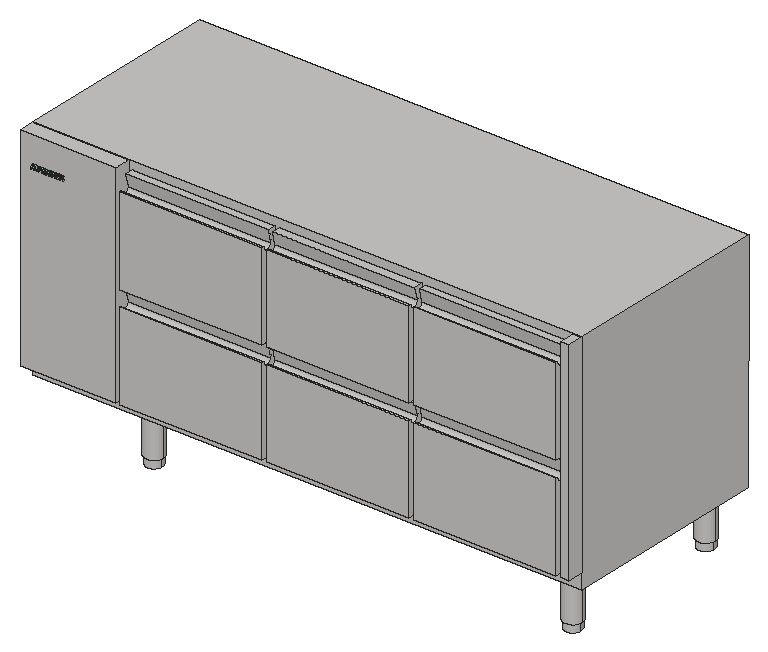
Revit family "QF_ALPENINOX_721070_AK3R7BBB", category Attrezzature speciali, Revit 2018 (continued)
Definition of nested family "HPC_APX_BI_TN_L"
  Lines and regions (mm)
    Split face 120
      outline origin (110, -951.3, 50) x (1, 0, 0) y (0, 1, 0)
        loop
          arc (-176.464, 599.474) -> (-172.464, 603.474) -> (-176.464, 607.474) r 4
          line (-176.464, 607.474) -> (-218.464, 607.474)
    Split face 121
      outline origin (220, -951.3, 50) x (1, 0, 0) y (0, 1, 0)
        loop
          arc (-273.464, 607.474) -> (-277.464, 603.474) -> (-273.464, 599.474) r 4
          line (-273.464, 599.474) -> (-231.464, 599.474)
          arc (-231.464, 599.474) -> (-227.464, 603.474) -> (-231.464, 607.474) r 4
          line (-231.464, 607.474) -> (-273.464, 607.474)
    Split face 122
      outline origin (0, -975.3, 50) x (1, 0, 0) y (0, 1, 0)
        loop
          arc (-163.464, 619.474) -> (-167.464, 615.474) -> (-163.464, 611.474) r 4
          line (-163.464, 611.474) -> (-121.464, 611.474)
          arc (-121.464, 611.474) -> (-117.464, 615.474) -> (-121.464, 619.474) r 4
          line (-121.464, 619.474) -> (-163.464, 619.474)
    Split face 123
      outline origin (330, -975.3, 50) x (1, 0, 0) y (0, 1, 0)
        loop
          arc (-328.464, 619.474) -> (-332.464, 615.474) -> (-328.464, 611.474) r 4
          line (-328.464, 611.474) -> (-286.464, 611.474)
          arc (-286.464, 611.474) -> (-282.464, 615.474) -> (-286.464, 619.474) r 4
          line (-286.464, 619.474) -> (-328.464, 619.474)
    Split face 124
      outline origin (110, -975.3, 50) x (1, 0, 0) y (0, 1, 0)
        loop
          arc (-218.464, 619.474) -> (-222.464, 615.474) -> (-218.464, 611.474) r 4
          line (-218.464, 611.474) -> (-176.464, 611.474)
          arc (-176.464, 611.474) -> (-172.464, 615.474) -> (-176.464, 619.474) r 4
          line (-176.464, 619.474) -> (-218.464, 619.474)
    Split face 125
      outline origin (220, -975.3, 50) x (1, 0, 0) y (0, 1, 0)
        loop
          arc (-273.464, 619.474) -> (-277.464, 615.474) -> (-273.464, 611.474) r 4
          line (-273.464, 611.474) -> (-231.464, 611.474)
          arc (-231.464, 611.474) -> (-227.464, 615.474) -> (-231.464, 619.474) r 4
          line (-231.464, 619.474) -> (-273.464, 619.474)
    Split face 126
      outline origin (0, -999.3, 50) x (1, 0, 0) y (0, 1, 0)
        loop
          arc (-163.464, 631.474) -> (-167.464, 627.474) -> (-163.464, 623.474) r 4
          line (-163.464, 623.474) -> (-121.464, 623.474)
          arc (-121.464, 623.474) -> (-117.464, 627.474) -> (-121.464, 631.474) r 4
          line (-121.464, 631.474) -> (-163.464, 631.474)
    Split face 127
      outline origin (330, -999.3, 50) x (1, 0, 0) y (0, 1, 0)
        loop
          arc (-328.464, 631.474) -> (-332.464, 627.474) -> (-328.464, 623.474) r 4
          line (-328.464, 623.474) -> (-286.464, 623.474)
          arc (-286.464, 623.474) -> (-282.464, 627.474) -> (-286.464, 631.474) r 4
          line (-286.464, 631.474) -> (-328.464, 631.474)
    Split face 128
      outline origin (110, -999.3, 50) x (1, 0, 0) y (0, 1, 0)
        loop
          arc (-218.464, 631.474) -> (-222.464, 627.474) -> (-218.464, 623.474) r 4
          line (-218.464, 623.474) -> (-176.464, 623.474)
          arc (-176.464, 623.474) -> (-172.464, 627.474) -> (-176.464, 631.474) r 4
          line (-176.464, 631.474) -> (-218.464, 631.474)
    Split face 129
      outline origin (220, -999.3, 50) x (1, 0, 0) y (0, 1, 0)
        loop
          arc (-273.464, 631.474) -> (-277.464, 627.474) -> (-273.464, 623.474) r 4
          line (-273.464, 623.474) -> (-231.464, 623.474)
          arc (-231.464, 623.474) -> (-227.464, 627.474) -> (-231.464, 631.474) r 4
          line (-231.464, 631.474) -> (-273.464, 631.474)
    Split face 130
      outline origin (0, -1023.3, 50) x (1, 0, 0) y (0, 1, 0)
        loop
          arc (-163.464, 643.474) -> (-167.464, 639.474) -> (-163.464, 635.474) r 4
          line (-163.464, 635.474) -> (-121.464, 635.474)
          arc (-121.464, 635.474) -> (-117.464, 639.474) -> (-121.464, 643.474) r 4
          line (-121.464, 643.474) -> (-163.464, 643.474)
    Split face 131
      outline origin (330, -1023.3, 50) x (1, 0, 0) y (0, 1, 0)
        loop
          arc (-328.464, 643.474) -> (-332.464, 639.474) -> (-328.464, 635.474) r 4
          line (-328.464, 635.474) -> (-286.464, 635.474)
          arc (-286.464, 635.474) -> (-282.464, 639.474) -> (-286.464, 643.474) r 4
          line (-286.464, 643.474) -> (-328.464, 643.474)
    Split face 132
      outline origin (110, -1023.3, 50) x (1, 0, 0) y (0, 1, 0)
        loop
          arc (-218.464, 643.474) -> (-222.464, 639.474) -> (-218.464, 635.474) r 4
          line (-218.464, 635.474) -> (-176.464, 635.474)
          arc (-176.464, 635.474) -> (-172.464, 639.474) -> (-176.464, 643.474) r 4
          line (-176.464, 643.474) -> (-218.464, 643.474)
    Split face 133
      outline origin (220, -1023.3, 50) x (1, 0, 0) y (0, 1, 0)
        loop
          arc (-273.464, 643.474) -> (-277.464, 639.474) -> (-273.464, 635.474) r 4
          line (-273.464, 635.474) -> (-231.464, 635.474)
          arc (-231.464, 635.474) -> (-227.464, 639.474) -> (-231.464, 643.474) r 4
          line (-231.464, 643.474) -> (-273.464, 643.474)
    symbolic lines
      curve 1: line (87.08, -74, 50) -> (87.08, -74, 0)
  Dimensions and locks
    equal spacing: plane 6, plane 1 "Center (Front/Back)", plane 7
    equal spacing: plane 4, plane 3 "Center (Left/Right)", plane 5
    aligned and locked: plane 2 to Extrusion 1
    aligned and locked: level to Extrusion 1
  Automatic sketch dimensions
    Split face 5 sketch curve to Split face 5 sketch curve = 42 mm
    Split face 5 sketch curve to Split face 5 sketch curve = 4 mm
    Split face 6 sketch curve to Split face 6 sketch curve = 42 mm
    Split face 6 sketch curve to Split face 6 sketch curve = 4 mm
    Split face 7 sketch curve to Split face 7 sketch curve = 42 mm
    Split face 7 sketch curve to Split face 7 sketch curve = 4 mm
    Split face 8 sketch curve to Split face 8 sketch curve = 42 mm
    Split face 8 sketch curve to Split face 8 sketch curve = 4 mm
    Split face 9 sketch curve to Split face 9 sketch curve = 42 mm
    Split face 9 sketch curve to Split face 9 sketch curve = 4 mm
    Split face 10 sketch curve to Split face 10 sketch curve = 42 mm
    Split face 10 sketch curve to Split face 10 sketch curve = 4 mm
    Split face 11 sketch curve to Split face 11 sketch curve = 42 mm
    Split face 11 sketch curve to Split face 11 sketch curve = 4 mm
    Split face 12 sketch curve to Split face 12 sketch curve = 42 mm
    Split face 12 sketch curve to Split face 12 sketch curve = 4 mm
    Split face 13 sketch curve to Split face 13 sketch curve = 42 mm
    Split face 13 sketch curve to Split face 13 sketch curve = 4 mm
    Split face 14 sketch curve to Split face 14 sketch curve = 42 mm
    Split face 14 sketch curve to Split face 14 sketch curve = 4 mm
    Split face 15 sketch curve to Split face 15 sketch curve = 42 mm
    Split face 15 sketch curve to Split face 15 sketch curve = 4 mm
    Split face 16 sketch curve to Split face 16 sketch curve = 42 mm
    Split face 16 sketch curve to Split face 16 sketch curve = 4 mm
    Split face 17 sketch curve to Split face 17 sketch curve = 42 mm
    Split face 17 sketch curve to Split face 17 sketch curve = 4 mm
    Split face 18 sketch curve to Split face 18 sketch curve = 42 mm
    Split face 18 sketch curve to Split face 18 sketch curve = 4 mm
    Split face 19 sketch curve to Split face 19 sketch curve = 42 mm
    Split face 19 sketch curve to Split face 19 sketch curve = 4 mm
    Split face 20 sketch curve to Split face 20 sketch curve = 42 mm
    Split face 20 sketch curve to Split face 20 sketch curve = 4 mm
    Split face 21 sketch curve to Split face 21 sketch curve = 42 mm
    Split face 21 sketch curve to Split face 21 sketch curve = 4 mm
    Split face 22 sketch curve to Split face 22 sketch curve = 42 mm
    Split face 22 sketch curve to Split face 22 sketch curve = 4 mm
    Split face 23 sketch curve to Split face 23 sketch curve = 42 mm
    Split face 23 sketch curve to Split face 23 sketch curve = 4 mm
    Split face 24 sketch curve to Split face 24 sketch curve = 42 mm
    Split face 24 sketch curve to Split face 24 sketch curve = 4 mm
    Split face 25 sketch curve to Split face 25 sketch curve = 42 mm
    Split face 25 sketch curve to Split face 25 sketch curve = 4 mm
    Split face 26 sketch curve to Split face 26 sketch curve = 42 mm
    Split face 26 sketch curve to Split face 26 sketch curve = 4 mm
    Split face 27 sketch curve to Split face 27 sketch curve = 42 mm
    Split face 27 sketch curve to Split face 27 sketch curve = 4 mm
    Split face 28 sketch curve to Split face 28 sketch curve = 42 mm
    Split face 28 sketch curve to Split face 28 sketch curve = 4 mm
    Split face 29 sketch curve to Split face 29 sketch curve = 42 mm
    Split face 29 sketch curve to Split face 29 sketch curve = 4 mm
    Split face 30 sketch curve to Split face 30 sketch curve = 42 mm
    Split face 30 sketch curve to Split face 30 sketch curve = 4 mm
    Split face 31 sketch curve to Split face 31 sketch curve = 42 mm
    Split face 31 sketch curve to Split face 31 sketch curve = 4 mm
    Split face 32 sketch curve to Split face 32 sketch curve = 42 mm
    Split face 32 sketch curve to Split face 32 sketch curve = 4 mm
    Split face 33 sketch curve to Split face 33 sketch curve = 42 mm
    Split face 33 sketch curve to Split face 33 sketch curve = 4 mm
    Split face 34 sketch curve to Split face 34 sketch curve = 42 mm
    Split face 34 sketch curve to Split face 34 sketch curve = 4 mm
    Split face 35 sketch curve to Split face 35 sketch curve = 42 mm
    Split face 35 sketch curve to Split face 35 sketch curve = 4 mm
    Split face 36 sketch curve to Split face 36 sketch curve = 42 mm
    Split face 36 sketch curve to Split face 36 sketch curve = 4 mm
    Split face 37 sketch curve to Split face 37 sketch curve = 42 mm
    Split face 37 sketch curve to Split face 37 sketch curve = 4 mm
    Split face 38 sketch curve to Split face 38 sketch curve = 42 mm
    Split face 38 sketch curve to Split face 38 sketch curve = 4 mm
    Split face 39 sketch curve to Split face 39 sketch curve = 42 mm
    Split face 39 sketch curve to Split face 39 sketch curve = 4 mm
    Split face 40 sketch curve to Split face 40 sketch curve = 42 mm
    Split face 40 sketch curve to Split face 40 sketch curve = 4 mm
    Split face 41 sketch curve to Split face 41 sketch curve = 42 mm
    Split face 41 sketch curve to Split face 41 sketch curve = 4 mm
    Split face 42 sketch curve to Split face 42 sketch curve = 42 mm
    Split face 42 sketch curve to Split face 42 sketch curve = 4 mm
    Split face 43 sketch curve to Split face 43 sketch curve = 42 mm
    Split face 43 sketch curve to Split face 43 sketch curve = 4 mm
    Split face 44 sketch curve to Split face 44 sketch curve = 42 mm
    Split face 44 sketch curve to Split face 44 sketch curve = 4 mm
    Split face 45 sketch curve to Split face 45 sketch curve = 42 mm
    Split face 45 sketch curve to Split face 45 sketch curve = 4 mm
    Split face 46 sketch curve to Split face 46 sketch curve = 42 mm
    Split face 46 sketch curve to Split face 46 sketch curve = 4 mm
    Split face 47 sketch curve to Split face 47 sketch curve = 42 mm
    Split face 47 sketch curve to Split face 47 sketch curve = 4 mm
    Split face 48 sketch curve to Split face 48 sketch curve = 42 mm
    Split face 48 sketch curve to Split face 48 sketch curve = 4 mm
    Split face 49 sketch curve to Split face 49 sketch curve = 42 mm
    Split face 49 sketch curve to Split face 49 sketch curve = 4 mm
    Split face 50 sketch curve to Split face 50 sketch curve = 42 mm
    Split face 50 sketch curve to Split face 50 sketch curve = 4 mm
    Split face 51 sketch curve to Split face 51 sketch curve = 42 mm
    Split face 51 sketch curve to Split face 51 sketch curve = 4 mm
    Split face 52 sketch curve to Split face 52 sketch curve = 42 mm
    Split face 52 sketch curve to Split face 52 sketch curve = 4 mm
    Split face 53 sketch curve to Split face 53 sketch curve = 42 mm
    Split face 53 sketch curve to Split face 53 sketch curve = 4 mm
    Split face 54 sketch curve to Split face 54 sketch curve = 42 mm
    Split face 54 sketch curve to Split face 54 sketch curve = 4 mm
    Split face 55 sketch curve to Split face 55 sketch curve = 42 mm
    Split face 55 sketch curve to Split face 55 sketch curve = 4 mm
    Split face 56 sketch curve to Split face 56 sketch curve = 42 mm
    Split face 56 sketch curve to Split face 56 sketch curve = 4 mm
    Split face 57 sketch curve to Split face 57 sketch curve = 42 mm
    Split face 57 sketch curve to Split face 57 sketch curve = 4 mm
    Split face 58 sketch curve to Split face 58 sketch curve = 42 mm
    Split face 58 sketch curve to Split face 58 sketch curve = 4 mm
    Split face 59 sketch curve to Split face 59 sketch curve = 42 mm
    Split face 59 sketch curve to Split face 59 sketch curve = 4 mm
    Split face 60 sketch curve to Split face 60 sketch curve = 42 mm
    Split face 60 sketch curve to Split face 60 sketch curve = 4 mm
    Split face 61 sketch curve to Split face 61 sketch curve = 42 mm
    Split face 61 sketch curve to Split face 61 sketch curve = 4 mm
    Split face 62 sketch curve to Split face 62 sketch curve = 42 mm
    Split face 62 sketch curve to Split face 62 sketch curve = 4 mm
    Split face 63 sketch curve to Split face 63 sketch curve = 42 mm
    Split face 63 sketch curve to Split face 63 sketch curve = 4 mm
    Split face 64 sketch curve to Split face 64 sketch curve = 42 mm
    Split face 64 sketch curve to Split face 64 sketch curve = 4 mm
    Split face 65 sketch curve to Split face 65 sketch curve = 42 mm
    Split face 65 sketch curve to Split face 65 sketch curve = 4 mm
    Split face 66 sketch curve to Split face 66 sketch curve = 42 mm
    Split face 66 sketch curve to Split face 66 sketch curve = 4 mm
    Split face 67 sketch curve to Split face 67 sketch curve = 42 mm
    Split face 67 sketch curve to Split face 67 sketch curve = 4 mm
    Split face 68 sketch curve to Split face 68 sketch curve = 42 mm
    Split face 68 sketch curve to Split face 68 sketch curve = 4 mm
    Split face 70 sketch curve to Split face 70 sketch curve = 42 mm
    Split face 70 sketch curve to Split face 70 sketch curve = 4 mm
    Split face 71 sketch curve to Split face 71 sketch curve = 42 mm
    Split face 71 sketch curve to Split face 71 sketch curve = 4 mm
    Split face 72 sketch curve to Split face 72 sketch curve = 42 mm
    Split face 72 sketch curve to Split face 72 sketch curve = 4 mm
    Split face 73 sketch curve to Split face 73 sketch curve = 42 mm
    Split face 73 sketch curve to Split face 73 sketch curve = 4 mm
    Split face 74 sketch curve to Split face 74 sketch curve = 42 mm
    Split face 74 sketch curve to Split face 74 sketch curve = 4 mm
    Split face 75 sketch curve to Split face 75 sketch curve = 42 mm
    Split face 75 sketch curve to Split face 75 sketch curve = 4 mm
    Split face 76 sketch curve to Split face 76 sketch curve = 42 mm
    Split face 76 sketch curve to Split face 76 sketch curve = 4 mm
    Split face 77 sketch curve to Split face 77 sketch curve = 42 mm
    Split face 77 sketch curve to Split face 77 sketch curve = 4 mm
    Split face 78 sketch curve to Split face 78 sketch curve = 42 mm
    Split face 78 sketch curve to Split face 78 sketch curve = 4 mm
    Split face 79 sketch curve to Split face 79 sketch curve = 42 mm
    Split face 79 sketch curve to Split face 79 sketch curve = 4 mm
    Split face 80 sketch curve to Split face 80 sketch curve = 42 mm
    Split face 80 sketch curve to Split face 80 sketch curve = 4 mm
    Split face 81 sketch curve to Split face 81 sketch curve = 42 mm
    Split face 81 sketch curve to Split face 81 sketch curve = 4 mm
    Split face 82 sketch curve to Split face 82 sketch curve = 42 mm
    Split face 82 sketch curve to Split face 82 sketch curve = 4 mm
    Split face 83 sketch curve to Split face 83 sketch curve = 42 mm
    Split face 83 sketch curve to Split face 83 sketch curve = 4 mm
    Split face 84 sketch curve to Split face 84 sketch curve = 42 mm
    Split face 84 sketch curve to Split face 84 sketch curve = 4 mm
    Split face 85 sketch curve to Split face 85 sketch curve = 42 mm
    Split face 85 sketch curve to Split face 85 sketch curve = 4 mm
    Split face 86 sketch curve to Split face 86 sketch curve = 42 mm
    Split face 86 sketch curve to Split face 86 sketch curve = 4 mm
    Split face 87 sketch curve to Split face 87 sketch curve = 42 mm
    Split face 87 sketch curve to Split face 87 sketch curve = 4 mm
    Split face 88 sketch curve to Split face 88 sketch curve = 42 mm
    Split face 88 sketch curve to Split face 88 sketch curve = 4 mm
    Split face 89 sketch curve to Split face 89 sketch curve = 42 mm
    Split face 89 sketch curve to Split face 89 sketch curve = 4 mm
    Split face 90 sketch curve to Split face 90 sketch curve = 42 mm
    Split face 90 sketch curve to Split face 90 sketch curve = 4 mm
    Split face 91 sketch curve to Split face 91 sketch curve = 42 mm
    Split face 91 sketch curve to Split face 91 sketch curve = 4 mm
    Split face 92 sketch curve to Split face 92 sketch curve = 42 mm
    Split face 92 sketch curve to Split face 92 sketch curve = 4 mm
    Split face 93 sketch curve to Split face 93 sketch curve = 42 mm
    Split face 93 sketch curve to Split face 93 sketch curve = 4 mm
    Split face 94 sketch curve to Split face 94 sketch curve = 42 mm
    Split face 94 sketch curve to Split face 94 sketch curve = 4 mm
    Split face 95 sketch curve to Split face 95 sketch curve = 42 mm
    Split face 95 sketch curve to Split face 95 sketch curve = 4 mm
    Split face 96 sketch curve to Split face 96 sketch curve = 42 mm
    Split face 96 sketch curve to Split face 96 sketch curve = 4 mm
    Split face 97 sketch curve to Split face 97 sketch curve = 42 mm
    Split face 97 sketch curve to Split face 97 sketch curve = 4 mm
    Split face 98 sketch curve to Split face 98 sketch curve = 42 mm
    Split face 98 sketch curve to Split face 98 sketch curve = 4 mm
    Split face 99 sketch curve to Split face 99 sketch curve = 42 mm
    Split face 99 sketch curve to Split face 99 sketch curve = 4 mm
    Split face 100 sketch curve to Split face 100 sketch curve = 42 mm
    Split face 100 sketch curve to Split face 100 sketch curve = 4 mm
    Split face 101 sketch curve to Split face 101 sketch curve = 42 mm
    Split face 101 sketch curve to Split face 101 sketch curve = 4 mm
    Split face 102 sketch curve to Split face 102 sketch curve = 42 mm
    Split face 102 sketch curve to Split face 102 sketch curve = 4 mm
    Split face 103 sketch curve to Split face 103 sketch curve = 42 mm
    Split face 103 sketch curve to Split face 103 sketch curve = 4 mm
    Split face 104 sketch curve to Split face 104 sketch curve = 42 mm
    Split face 104 sketch curve to Split face 104 sketch curve = 4 mm
    Split face 105 sketch curve to Split face 105 sketch curve = 42 mm
    Split face 105 sketch curve to Split face 105 sketch curve = 4 mm
    Split face 106 sketch curve to Split face 106 sketch curve = 42 mm
    Split face 106 sketch curve to Split face 106 sketch curve = 4 mm
    Split face 107 sketch curve to Split face 107 sketch curve = 42 mm
    Split face 107 sketch curve to Split face 107 sketch curve = 4 mm
    Split face 108 sketch curve to Split face 108 sketch curve = 42 mm
    Split face 108 sketch curve to Split face 108 sketch curve = 4 mm
    Split face 109 sketch curve to Split face 109 sketch curve = 42 mm
    Split face 109 sketch curve to Split face 109 sketch curve = 4 mm
    Split face 110 sketch curve to Split face 110 sketch curve = 42 mm
    Split face 110 sketch curve to Split face 110 sketch curve = 4 mm
    Split face 111 sketch curve to Split face 111 sketch curve = 42 mm
    Split face 111 sketch curve to Split face 111 sketch curve = 4 mm
    Split face 112 sketch curve to Split face 112 sketch curve = 42 mm
    Split face 112 sketch curve to Split face 112 sketch curve = 4 mm
    Split face 113 sketch curve to Split face 113 sketch curve = 42 mm
    Split face 113 sketch curve to Split face 113 sketch curve = 4 mm
    Split face 114 sketch curve to Split face 114 sketch curve = 42 mm
    Split face 114 sketch curve to Split face 114 sketch curve = 4 mm
    Split face 115 sketch curve to Split face 115 sketch curve = 42 mm
    Split face 115 sketch curve to Split face 115 sketch curve = 4 mm
    Split face 116 sketch curve to Split face 116 sketch curve = 42 mm
    Split face 116 sketch curve to Split face 116 sketch curve = 4 mm
    Split face 117 sketch curve to Split face 117 sketch curve = 42 mm
    Split face 117 sketch curve to Split face 117 sketch curve = 4 mm
    Split face 118 sketch curve to Split face 118 sketch curve = 42 mm
    Split face 118 sketch curve to Split face 118 sketch curve = 4 mm
    Split face 119 sketch curve to Split face 119 sketch curve = 42 mm
    Split face 119 sketch curve to Split face 119 sketch curve = 4 mm
    Split face 120 sketch curve to Split face 120 sketch curve = 42 mm
    Split face 120 sketch curve to Split face 120 sketch curve = 4 mm
    Split face 121 sketch curve to Split face 121 sketch curve = 42 mm
    Split face 121 sketch curve to Split face 121 sketch curve = 4 mm
    Split face 122 sketch curve to Split face 122 sketch curve = 42 mm
    Split face 122 sketch curve to Split face 122 sketch curve = 4 mm
    Split face 123 sketch curve to Split face 123 sketch curve = 42 mm
    Split face 123 sketch curve to Split face 123 sketch curve = 4 mm
    Split face 124 sketch curve to Split face 124 sketch curve = 42 mm
    Split face 124 sketch curve to Split face 124 sketch curve = 4 mm
    Split face 125 sketch curve to Split face 125 sketch curve = 42 mm
    Split face 125 sketch curve to Split face 125 sketch curve = 4 mm
    Split face 126 sketch curve to Split face 126 sketch curve = 42 mm
    Split face 126 sketch curve to Split face 126 sketch curve = 4 mm
    Split face 127 sketch curve to Split face 127 sketch curve = 42 mm
    Split face 127 sketch curve to Split face 127 sketch curve = 4 mm
    Split face 128 sketch curve to Split face 128 sketch curve = 42 mm
    Split face 128 sketch curve to Split face 128 sketch curve = 4 mm
    Split face 129 sketch curve to Split face 129 sketch curve = 42 mm
    Split face 129 sketch curve to Split face 129 sketch curve = 4 mm
    Split face 130 sketch curve to Split face 130 sketch curve = 42 mm
    Split face 130 sketch curve to Split face 130 sketch curve = 4 mm
    Split face 131 sketch curve to Split face 131 sketch curve = 42 mm
    Split face 131 sketch curve to Split face 131 sketch curve = 4 mm
    Split face 132 sketch curve to Split face 132 sketch curve = 42 mm
    Split face 132 sketch curve to Split face 132 sketch curve = 4 mm
    Split face 133 sketch curve to Split face 133 sketch curve = 42 mm
    Split face 133 sketch curve to Split face 133 sketch curve = 4 mm
    Extrusion 1 sketch curve to Extrusion 1 sketch curve = 2438.4 mm  (x2)
    Extrusion 2 sketch curve to plane 4 = 0 mm
    Extrusion 2 sketch curve to plane 5 = 0 mm
    Extrusion 2 sketch curve to plane 7 = 0 mm
    Extrusion 2 sketch curve to plane 6 = 0 mm
    Split face 1 sketch curve to Extrusion 2 = 0 mm  (x2)
    Split face 1 sketch curve to Extrusion 2 = 34 mm
    Split face 1 sketch curve to Extrusion 2 = 104 mm
    Split face 1 sketch curve to Split face 1 sketch curve = 17.5 mm
    Split face 2 sketch curve to Extrusion 2 = 130.5 mm
    Split face 2 sketch curve to Extrusion 2 = 60.5 mm
    Split face 2 sketch curve to Extrusion 2 = 98 mm
    Split face 2 sketch curve to Split face 2 sketch curve = 23 mm
    Split face 3 sketch curve to Extrusion 2 = 80.5 mm
    Split face 3 sketch curve to Split face 3 sketch curve = 17 mm  (x2)
    Split face 3 sketch curve to Extrusion 2 = 95 mm
    plane 4 to Extrusion 3 sketch curve = 34.51 mm
    Extrusion 3 sketch curve to Extrusion 3 sketch curve = 1.266 mm
    Extrusion 3 sketch curve to Extrusion 3 sketch curve = 1.307 mm
    Extrusion 3 sketch curve to Extrusion 3 sketch curve = 0.57 mm
    Extrusion 3 sketch curve to Extrusion 3 sketch curve = 0.593 mm
    Extrusion 3 sketch curve to Extrusion 3 sketch curve = 0.799 mm
    Extrusion 3 sketch curve to Extrusion 3 sketch curve = 1.99 mm  (x2)
    Extrusion 3 sketch curve to Extrusion 3 sketch curve = 0.003 mm
    Extrusion 3 sketch curve to Extrusion 3 sketch curve = 3.534 mm
    Extrusion 3 sketch curve to Extrusion 3 sketch curve = 0.835 mm
    Extrusion 3 sketch curve to Extrusion 3 sketch curve = 0.56 mm
    Extrusion 3 sketch curve to Extrusion 3 sketch curve = 1.268 mm
    Extrusion 3 sketch curve to Extrusion 3 sketch curve = 1.223 mm
    Extrusion 3 sketch curve to Extrusion 3 sketch curve = 1.344 mm
    Extrusion 3 sketch curve to Extrusion 3 sketch curve = 1.394 mm  (x2)
    Extrusion 3 sketch curve to Extrusion 3 sketch curve = 1.512 mm
    Extrusion 3 sketch curve to Extrusion 3 sketch curve = 3.309 mm
    Extrusion 3 sketch curve to Extrusion 3 sketch curve = 5.841 mm
    Extrusion 3 sketch curve to Extrusion 3 sketch curve = 1.393 mm
    Extrusion 3 sketch curve to Extrusion 3 sketch curve = 1.439 mm
    Extrusion 3 sketch curve to Extrusion 3 sketch curve = 0 mm  (x19)
    Extrusion 3 sketch curve to Extrusion 3 sketch curve = 1.902 mm
    Extrusion 3 sketch curve to Extrusion 3 sketch curve = 0.052 mm
    Extrusion 3 sketch curve to Extrusion 3 sketch curve = 2.065 mm
    Extrusion 3 sketch curve to Extrusion 3 sketch curve = 0.647 mm
    Extrusion 3 sketch curve to Extrusion 3 sketch curve = 8.079 mm
    Extrusion 3 sketch curve to Extrusion 3 sketch curve = 0.073 mm
    Extrusion 3 sketch curve to Extrusion 3 sketch curve = 2.145 mm
    Extrusion 3 sketch curve to Extrusion 3 sketch curve = 2.931 mm
    Extrusion 3 sketch curve to Extrusion 3 sketch curve = 0.213 mm
    Extrusion 3 sketch curve to Extrusion 3 sketch curve = 0.026 mm
    Extrusion 3 sketch curve to Extrusion 3 sketch curve = 0.263 mm
    Extrusion 3 sketch curve to Extrusion 3 sketch curve = 0.516 mm
    Extrusion 3 sketch curve to Extrusion 3 sketch curve = 0.356 mm
    Extrusion 3 sketch curve to Extrusion 3 sketch curve = 0.387 mm
    Extrusion 3 sketch curve to Extrusion 3 sketch curve = 2.378 mm
    Extrusion 3 sketch curve to Extrusion 3 sketch curve = 2.466 mm
    Extrusion 3 sketch curve to Extrusion 3 sketch curve = 0.602 mm
    Extrusion 3 sketch curve to Extrusion 3 sketch curve = 1.02 mm
    Extrusion 3 sketch curve to Extrusion 3 sketch curve = 0.949 mm
    Extrusion 3 sketch curve to Extrusion 3 sketch curve = 1.728 mm
    Extrusion 3 sketch curve to Extrusion 3 sketch curve = 0.157 mm  (x2)
    Extrusion 3 sketch curve to Extrusion 3 sketch curve = 0.292 mm
    Extrusion 3 sketch curve to Extrusion 3 sketch curve = 3.565 mm
    Extrusion 3 sketch curve to Extrusion 3 sketch curve = 1.396 mm  (x2)
    Extrusion 3 sketch curve to Extrusion 3 sketch curve = 1.418 mm  (x2)
    Extrusion 3 sketch curve to Extrusion 3 sketch curve = 1.151 mm  (x2)
    Extrusion 3 sketch curve to Extrusion 3 sketch curve = 5.709 mm  (x2)
    Extrusion 3 sketch curve to Extrusion 3 sketch curve = 0.224 mm  (x2)
    Extrusion 3 sketch curve to Extrusion 3 sketch curve = 1.149 mm  (x2)
    Extrusion 3 sketch curve to Extrusion 3 sketch curve = 1.395 mm  (x2)
    Extrusion 3 sketch curve to Extrusion 3 sketch curve = 1.744 mm
    Extrusion 3 sketch curve to Extrusion 3 sketch curve = 1.745 mm
    Extrusion 3 sketch curve to Extrusion 3 sketch curve = 6.963 mm
    Extrusion 3 sketch curve to Extrusion 3 sketch curve = 0.493 mm  (x3)
    Extrusion 3 sketch curve to Extrusion 3 sketch curve = 0.273 mm  (x2)
    Extrusion 3 sketch curve to Extrusion 3 sketch curve = 0.021 mm  (x2)
    Extrusion 3 sketch curve to Extrusion 3 sketch curve = 0.226 mm  (x2)
    Extrusion 3 sketch curve to Extrusion 3 sketch curve = 0.268 mm  (x2)
    Extrusion 3 sketch curve to Extrusion 3 sketch curve = 0.294 mm
    Extrusion 3 sketch curve to Extrusion 3 sketch curve = 5.238 mm
    Extrusion 3 sketch curve to Extrusion 3 sketch curve = 5.908 mm
    Extrusion 3 sketch curve to Extrusion 3 sketch curve = 1.109 mm  (x2)
    Extrusion 3 sketch curve to Extrusion 3 sketch curve = 1.108 mm  (x2)
    Extrusion 3 sketch curve to Extrusion 3 sketch curve = 1.142 mm  (x2)
    Extrusion 3 sketch curve to Extrusion 3 sketch curve = 1.216 mm  (x2)
    Extrusion 3 sketch curve to Extrusion 3 sketch curve = 3.013 mm
    Extrusion 3 sketch curve to Extrusion 3 sketch curve = 1.616 mm  (x3)
    Extrusion 3 sketch curve to Extrusion 3 sketch curve = 2.305 mm
    Extrusion 3 sketch curve to Extrusion 3 sketch curve = 3.049 mm
    Extrusion 3 sketch curve to plane 6 = 93.469 mm
    Extrusion 3 sketch curve to Extrusion 3 sketch curve = 0.498 mm
    Extrusion 3 sketch curve to Extrusion 3 sketch curve = 0.682 mm
    Extrusion 3 sketch curve to Extrusion 3 sketch curve = 0.664 mm
    Extrusion 3 sketch curve to Extrusion 3 sketch curve = 0.425 mm
    Extrusion 3 sketch curve to Extrusion 3 sketch curve = 0.41 mm
    Extrusion 3 sketch curve to Extrusion 3 sketch curve = 1.272 mm
    Extrusion 3 sketch curve to Extrusion 3 sketch curve = 0.789 mm  (x2)
    Extrusion 3 sketch curve to Extrusion 3 sketch curve = 0.056 mm
    Extrusion 3 sketch curve to Extrusion 3 sketch curve = 0.83 mm
    Extrusion 3 sketch curve to Extrusion 3 sketch curve = 1.238 mm
    Extrusion 3 sketch curve to Extrusion 3 sketch curve = 1.732 mm
    Extrusion 3 sketch curve to Extrusion 3 sketch curve = 0.346 mm
    Extrusion 3 sketch curve to Extrusion 3 sketch curve = 1.123 mm
    Extrusion 3 sketch curve to Extrusion 3 sketch curve = 3.023 mm
    Extrusion 3 sketch curve to Extrusion 3 sketch curve = 4.203 mm
    Extrusion 3 sketch curve to Extrusion 3 sketch curve = 3.452 mm  (x2)
    Extrusion 3 sketch curve to Extrusion 3 sketch curve = 2.544 mm
    Extrusion 3 sketch curve to Extrusion 3 sketch curve = 1.177 mm
    Extrusion 3 sketch curve to Extrusion 3 sketch curve = 3.261 mm
    Extrusion 3 sketch curve to Extrusion 3 sketch curve = 0.352 mm  (x2)
    Extrusion 3 sketch curve to Extrusion 3 sketch curve = 1.987 mm
    Extrusion 3 sketch curve to Extrusion 3 sketch curve = 0.171 mm
    Extrusion 3 sketch curve to Extrusion 3 sketch curve = 0.533 mm  (x3)
    Extrusion 3 sketch curve to Extrusion 3 sketch curve = 0.14 mm  (x4)
    Extrusion 3 sketch curve to Extrusion 3 sketch curve = 0.473 mm
    Extrusion 3 sketch curve to Extrusion 3 sketch curve = 0.31 mm  (x2)
    Extrusion 3 sketch curve to Extrusion 3 sketch curve = 0.075 mm
    Extrusion 3 sketch curve to Extrusion 3 sketch curve = 2.431 mm
    Extrusion 3 sketch curve to Extrusion 3 sketch curve = 2.32 mm  (x2)
    Extrusion 3 sketch curve to Extrusion 3 sketch curve = 1.992 mm
    Extrusion 3 sketch curve to Extrusion 3 sketch curve = 0.674 mm
    Extrusion 3 sketch curve to Extrusion 3 sketch curve = 0.732 mm
    Extrusion 3 sketch curve to Extrusion 3 sketch curve = 0.388 mm
    Extrusion 3 sketch curve to Extrusion 3 sketch curve = 0.121 mm
    Extrusion 3 sketch curve to Extrusion 3 sketch curve = 2.589 mm
    Extrusion 3 sketch curve to Extrusion 3 sketch curve = 0.662 mm
    Extrusion 3 sketch curve to Extrusion 3 sketch curve = 3.473 mm
    Extrusion 3 sketch curve to Extrusion 3 sketch curve = 0.681 mm
    Extrusion 3 sketch curve to Extrusion 3 sketch curve = 1.615 mm
    Extrusion 3 sketch curve to Extrusion 3 sketch curve = 0.34 mm
    Extrusion 3 sketch curve to Extrusion 3 sketch curve = 2.288 mm
    Extrusion 3 sketch curve to Extrusion 3 sketch curve = 0.942 mm
    Extrusion 3 sketch curve to Extrusion 3 sketch curve = 5.4 mm
    Extrusion 3 sketch curve to Extrusion 3 sketch curve = 1.768 mm  (x2)
    Extrusion 3 sketch curve to Extrusion 3 sketch curve = 0.761 mm
    Extrusion 3 sketch curve to Extrusion 3 sketch curve = 0.996 mm
    Extrusion 3 sketch curve to Extrusion 3 sketch curve = 3.543 mm  (x2)
    Extrusion 3 sketch curve to Extrusion 3 sketch curve = 7.017 mm
    Extrusion 3 sketch curve to Extrusion 3 sketch curve = 0.11 mm
    Extrusion 3 sketch curve to Extrusion 3 sketch curve = 0.823 mm  (x2)
    Extrusion 3 sketch curve to Extrusion 3 sketch curve = 0.947 mm
    Extrusion 3 sketch curve to Extrusion 3 sketch curve = 3.837 mm
    Extrusion 3 sketch curve to Extrusion 3 sketch curve = 0.623 mm
    Extrusion 3 sketch curve to Extrusion 3 sketch curve = 1.082 mm
    Extrusion 3 sketch curve to Extrusion 3 sketch curve = 0.801 mm
    Extrusion 3 sketch curve to Extrusion 3 sketch curve = 1 mm
    Extrusion 3 sketch curve to Extrusion 3 sketch curve = 0.089 mm
    Extrusion 3 sketch curve to Extrusion 3 sketch curve = 4.257 mm
    Extrusion 3 sketch curve to Extrusion 3 sketch curve = 4.345 mm  (x2)
    Extrusion 3 sketch curve to Extrusion 3 sketch curve = 2.576 mm
    Extrusion 3 sketch curve to Extrusion 3 sketch curve = 1.385 mm  (x4)
    Extrusion 3 sketch curve to Extrusion 3 sketch curve = 2.133 mm  (x4)
    Extrusion 3 sketch curve to Extrusion 3 sketch curve = 3.518 mm
    Extrusion 3 sketch curve to Extrusion 3 sketch curve = 5.603 mm
    Extrusion 3 sketch curve to Extrusion 3 sketch curve = 2.571 mm
    Split face 4 sketch curve to Extrusion 2 = 0 mm  (x2)
    Split face 4 sketch curve to Extrusion 2 = 64 mm
    Split face 69 sketch curve to Extrusion 2 = 0 mm  (x2)
    Split face 69 sketch curve to Extrusion 2 = 109 mm
    Split face 5 sketch curve to Extrusion 2 = 43.456 mm
    Split face 5 sketch curve to Extrusion 2 = 128.176 mm
    Split face 6 sketch curve to Extrusion 2 = 85.544 mm
    Split face 6 sketch curve to Extrusion 2 = 128.176 mm
    Split face 7 sketch curve to Extrusion 2 = 98.456 mm
    Split face 7 sketch curve to Extrusion 2 = 128.176 mm
    Split face 8 sketch curve to Extrusion 2 = 140.544 mm
    Split face 8 sketch curve to Extrusion 2 = 128.176 mm
    Split face 9 sketch curve to Extrusion 2 = 43.456 mm
    Split face 9 sketch curve to Extrusion 2 = 140.176 mm
    Split face 10 sketch curve to Extrusion 2 = 85.544 mm
    Split face 10 sketch curve to Extrusion 2 = 140.176 mm
    Split face 11 sketch curve to Extrusion 2 = 98.456 mm
    Split face 11 sketch curve to Extrusion 2 = 140.176 mm
    Split face 12 sketch curve to Extrusion 2 = 140.544 mm
    Split face 12 sketch curve to Extrusion 2 = 140.176 mm
    Split face 13 sketch curve to Extrusion 2 = 43.456 mm
    Split face 13 sketch curve to Extrusion 2 = 152.176 mm
    Split face 14 sketch curve to Extrusion 2 = 85.544 mm
    Split face 14 sketch curve to Extrusion 2 = 152.176 mm
    Split face 15 sketch curve to Extrusion 2 = 98.456 mm
    Split face 15 sketch curve to Extrusion 2 = 152.176 mm
    Split face 16 sketch curve to Extrusion 2 = 140.544 mm
    Split face 16 sketch curve to Extrusion 2 = 152.176 mm
    Split face 17 sketch curve to Extrusion 2 = 43.456 mm
    Split face 17 sketch curve to Extrusion 2 = 164.176 mm
    Split face 18 sketch curve to Extrusion 2 = 85.544 mm
    Split face 18 sketch curve to Extrusion 2 = 164.176 mm
    Split face 19 sketch curve to Extrusion 2 = 98.456 mm
    Split face 19 sketch curve to Extrusion 2 = 164.176 mm
    Split face 20 sketch curve to Extrusion 2 = 140.544 mm
    Split face 20 sketch curve to Extrusion 2 = 164.176 mm
    Split face 21 sketch curve to Extrusion 2 = 43.456 mm
    Split face 21 sketch curve to Extrusion 2 = 176.176 mm
    Split face 22 sketch curve to Extrusion 2 = 85.544 mm
    Split face 22 sketch curve to Extrusion 2 = 176.176 mm
    Split face 23 sketch curve to Extrusion 2 = 98.456 mm
    Split face 23 sketch curve to Extrusion 2 = 176.176 mm
    Split face 24 sketch curve to Extrusion 2 = 140.544 mm
    Split face 24 sketch curve to Extrusion 2 = 176.176 mm
    Split face 25 sketch curve to Extrusion 2 = 43.456 mm
    Split face 25 sketch curve to Extrusion 2 = 188.176 mm
    Split face 26 sketch curve to Extrusion 2 = 85.544 mm
    Split face 26 sketch curve to Extrusion 2 = 188.176 mm
    Split face 27 sketch curve to Extrusion 2 = 98.456 mm
    Split face 27 sketch curve to Extrusion 2 = 188.176 mm
    Split face 28 sketch curve to Extrusion 2 = 140.544 mm
    Split face 28 sketch curve to Extrusion 2 = 188.176 mm
    Split face 29 sketch curve to Extrusion 2 = 43.456 mm
    Split face 29 sketch curve to Extrusion 2 = 200.176 mm
    Split face 30 sketch curve to Extrusion 2 = 85.544 mm
    Split face 30 sketch curve to Extrusion 2 = 200.176 mm
    Split face 31 sketch curve to Extrusion 2 = 98.456 mm
    Split face 31 sketch curve to Extrusion 2 = 200.176 mm
    Split face 32 sketch curve to Extrusion 2 = 140.544 mm
    Split face 32 sketch curve to Extrusion 2 = 200.176 mm
    Split face 33 sketch curve to Extrusion 2 = 43.456 mm
    Split face 33 sketch curve to Extrusion 2 = 212.176 mm
    Split face 34 sketch curve to Extrusion 2 = 85.544 mm
    Split face 34 sketch curve to Extrusion 2 = 212.176 mm
    Split face 35 sketch curve to Extrusion 2 = 98.456 mm
    Split face 35 sketch curve to Extrusion 2 = 212.176 mm
    Split face 36 sketch curve to Extrusion 2 = 140.544 mm
    Split face 36 sketch curve to Extrusion 2 = 212.176 mm
    Split face 37 sketch curve to Extrusion 2 = 43.456 mm
    Split face 37 sketch curve to Extrusion 2 = 224.176 mm
    Split face 38 sketch curve to Extrusion 2 = 85.544 mm
    Split face 38 sketch curve to Extrusion 2 = 224.176 mm
    Split face 39 sketch curve to Extrusion 2 = 98.456 mm
    Split face 39 sketch curve to Extrusion 2 = 224.176 mm
    Split face 40 sketch curve to Extrusion 2 = 140.544 mm
    Split face 40 sketch curve to Extrusion 2 = 224.176 mm
    Split face 41 sketch curve to Extrusion 2 = 43.456 mm
    Split face 41 sketch curve to Extrusion 2 = 236.176 mm
    Split face 42 sketch curve to Extrusion 2 = 85.544 mm
    Split face 42 sketch curve to Extrusion 2 = 236.176 mm
    Split face 43 sketch curve to Extrusion 2 = 98.456 mm
    Split face 43 sketch curve to Extrusion 2 = 236.176 mm
    Split face 44 sketch curve to Extrusion 2 = 140.544 mm
    Split face 44 sketch curve to Extrusion 2 = 236.176 mm
    Split face 45 sketch curve to Extrusion 2 = 43.456 mm
    Split face 45 sketch curve to Extrusion 2 = 248.176 mm
    Split face 46 sketch curve to Extrusion 2 = 85.544 mm
    Split face 46 sketch curve to Extrusion 2 = 248.176 mm
    Split face 47 sketch curve to Extrusion 2 = 98.456 mm
    Split face 47 sketch curve to Extrusion 2 = 248.176 mm
    Split face 48 sketch curve to Extrusion 2 = 140.544 mm
    Split face 48 sketch curve to Extrusion 2 = 248.176 mm
    Split face 49 sketch curve to Extrusion 2 = 43.456 mm
    Split face 49 sketch curve to Extrusion 2 = 260.176 mm
    Split face 50 sketch curve to Extrusion 2 = 85.544 mm
    Split face 50 sketch curve to Extrusion 2 = 260.176 mm
    Split face 51 sketch curve to Extrusion 2 = 98.456 mm
    Split face 51 sketch curve to Extrusion 2 = 260.176 mm
    Split face 52 sketch curve to Extrusion 2 = 140.544 mm
    Split face 52 sketch curve to Extrusion 2 = 260.176 mm
    Split face 53 sketch curve to Extrusion 2 = 43.456 mm
    Split face 53 sketch curve to Extrusion 2 = 272.176 mm
    Split face 54 sketch curve to Extrusion 2 = 85.544 mm
    Split face 54 sketch curve to Extrusion 2 = 272.176 mm
    Split face 55 sketch curve to Extrusion 2 = 98.456 mm
    Split face 55 sketch curve to Extrusion 2 = 272.176 mm
    Split face 56 sketch curve to Extrusion 2 = 140.544 mm
    Split face 56 sketch curve to Extrusion 2 = 272.176 mm
    Split face 57 sketch curve to Extrusion 2 = 43.456 mm
    Split face 57 sketch curve to Extrusion 2 = 284.176 mm
    Split face 58 sketch curve to Extrusion 2 = 85.544 mm
    Split face 58 sketch curve to Extrusion 2 = 284.176 mm
    Split face 59 sketch curve to Extrusion 2 = 98.456 mm
    Split face 59 sketch curve to Extrusion 2 = 284.176 mm
    Split face 60 sketch curve to Extrusion 2 = 140.544 mm
    Split face 60 sketch curve to Extrusion 2 = 284.176 mm
    Split face 61 sketch curve to Extrusion 2 = 43.456 mm
    Split face 61 sketch curve to Extrusion 2 = 296.176 mm
    Split face 62 sketch curve to Extrusion 2 = 85.544 mm
    Split face 62 sketch curve to Extrusion 2 = 296.176 mm
    Split face 63 sketch curve to Extrusion 2 = 98.456 mm
    Split face 63 sketch curve to Extrusion 2 = 296.176 mm
    Split face 64 sketch curve to Extrusion 2 = 140.544 mm
    Split face 64 sketch curve to Extrusion 2 = 296.176 mm
    Split face 65 sketch curve to Extrusion 2 = 43.456 mm
    Split face 65 sketch curve to Extrusion 2 = 308.176 mm
    Split face 66 sketch curve to Extrusion 2 = 85.544 mm
    Split face 66 sketch curve to Extrusion 2 = 308.176 mm
    Split face 67 sketch curve to Extrusion 2 = 98.456 mm
    Split face 67 sketch curve to Extrusion 2 = 308.176 mm
    Split face 68 sketch curve to Extrusion 2 = 140.544 mm
    Split face 68 sketch curve to Extrusion 2 = 308.176 mm
    Split face 70 sketch curve to Extrusion 2 = 43.456 mm
    Split face 70 sketch curve to Extrusion 2 = 192.174 mm
    Split face 71 sketch curve to Extrusion 2 = 85.544 mm
    Split face 71 sketch curve to Extrusion 2 = 192.174 mm
    Split face 72 sketch curve to Extrusion 2 = 98.456 mm
    Split face 72 sketch curve to Extrusion 2 = 192.174 mm
    Split face 73 sketch curve to Extrusion 2 = 140.544 mm
    Split face 73 sketch curve to Extrusion 2 = 192.174 mm
    Split face 74 sketch curve to Extrusion 2 = 43.456 mm
    Split face 74 sketch curve to Extrusion 2 = 180.174 mm
    Split face 75 sketch curve to Extrusion 2 = 85.544 mm
    Split face 75 sketch curve to Extrusion 2 = 180.174 mm
    Split face 76 sketch curve to Extrusion 2 = 98.456 mm
    Split face 76 sketch curve to Extrusion 2 = 180.174 mm
    Split face 77 sketch curve to Extrusion 2 = 140.544 mm
    Split face 77 sketch curve to Extrusion 2 = 180.174 mm
    Split face 78 sketch curve to Extrusion 2 = 43.456 mm
    Split face 78 sketch curve to Extrusion 2 = 168.174 mm
    Split face 79 sketch curve to Extrusion 2 = 85.544 mm
    Split face 79 sketch curve to Extrusion 2 = 168.174 mm
    Split face 80 sketch curve to Extrusion 2 = 98.456 mm
    Split face 80 sketch curve to Extrusion 2 = 168.174 mm
    Split face 81 sketch curve to Extrusion 2 = 140.544 mm
    Split face 81 sketch curve to Extrusion 2 = 168.174 mm
    Split face 82 sketch curve to Extrusion 2 = 43.456 mm
    Split face 82 sketch curve to Extrusion 2 = 156.174 mm
    Split face 83 sketch curve to Extrusion 2 = 85.544 mm
    Split face 83 sketch curve to Extrusion 2 = 156.174 mm
    Split face 84 sketch curve to Extrusion 2 = 98.456 mm
    Split face 84 sketch curve to Extrusion 2 = 156.174 mm
    Split face 85 sketch curve to Extrusion 2 = 140.544 mm
    Split face 85 sketch curve to Extrusion 2 = 156.174 mm
    Split face 86 sketch curve to Extrusion 2 = 43.456 mm
    Split face 86 sketch curve to Extrusion 2 = 144.174 mm
    Split face 87 sketch curve to Extrusion 2 = 85.544 mm
    Split face 87 sketch curve to Extrusion 2 = 144.174 mm
    Split face 88 sketch curve to Extrusion 2 = 98.456 mm
    Split face 88 sketch curve to Extrusion 2 = 144.174 mm
    Split face 89 sketch curve to Extrusion 2 = 140.544 mm
    Split face 89 sketch curve to Extrusion 2 = 144.174 mm
    Split face 90 sketch curve to Extrusion 2 = 43.456 mm
    Split face 90 sketch curve to Extrusion 2 = 132.174 mm
    Split face 91 sketch curve to Extrusion 2 = 85.544 mm
    Split face 91 sketch curve to Extrusion 2 = 132.174 mm
    Split face 92 sketch curve to Extrusion 2 = 98.456 mm
    Split face 92 sketch curve to Extrusion 2 = 132.174 mm
    Split face 93 sketch curve to Extrusion 2 = 140.544 mm
    Split face 93 sketch curve to Extrusion 2 = 132.174 mm
    Split face 94 sketch curve to Extrusion 2 = 43.456 mm
    Split face 94 sketch curve to Extrusion 2 = 120.174 mm
    Split face 95 sketch curve to Extrusion 2 = 85.544 mm
    Split face 95 sketch curve to Extrusion 2 = 120.174 mm
    Split face 96 sketch curve to Extrusion 2 = 98.456 mm
    Split face 96 sketch curve to Extrusion 2 = 120.174 mm
    Split face 97 sketch curve to Extrusion 2 = 140.544 mm
    Split face 97 sketch curve to Extrusion 2 = 120.174 mm
    Split face 98 sketch curve to Extrusion 2 = 43.456 mm
    Split face 98 sketch curve to Extrusion 2 = 108.174 mm
    Split face 99 sketch curve to Extrusion 2 = 85.544 mm
    Split face 99 sketch curve to Extrusion 2 = 108.174 mm
    Split face 100 sketch curve to Extrusion 2 = 98.456 mm
    Split face 100 sketch curve to Extrusion 2 = 108.174 mm
    Split face 101 sketch curve to Extrusion 2 = 140.544 mm
    Split face 101 sketch curve to Extrusion 2 = 108.174 mm
    Split face 102 sketch curve to Extrusion 2 = 43.456 mm
    Split face 102 sketch curve to Extrusion 2 = 96.174 mm
    Split face 103 sketch curve to Extrusion 2 = 85.544 mm
    Split face 103 sketch curve to Extrusion 2 = 96.174 mm
    Split face 104 sketch curve to Extrusion 2 = 98.456 mm
    Split face 104 sketch curve to Extrusion 2 = 96.174 mm
    Split face 105 sketch curve to Extrusion 2 = 140.544 mm
    Split face 105 sketch curve to Extrusion 2 = 96.174 mm
    Split face 106 sketch curve to Extrusion 2 = 43.456 mm
    Split face 106 sketch curve to Extrusion 2 = 84.174 mm
    Split face 107 sketch curve to Extrusion 2 = 85.544 mm
    Split face 107 sketch curve to Extrusion 2 = 84.174 mm
    Split face 108 sketch curve to Extrusion 2 = 98.456 mm
    Split face 108 sketch curve to Extrusion 2 = 84.174 mm
    Split face 109 sketch curve to Extrusion 2 = 140.544 mm
    Split face 109 sketch curve to Extrusion 2 = 84.174 mm
    Split face 110 sketch curve to Extrusion 2 = 43.456 mm
    Split face 110 sketch curve to Extrusion 2 = 72.174 mm
    Split face 111 sketch curve to Extrusion 2 = 85.544 mm
    Split face 111 sketch curve to Extrusion 2 = 72.174 mm
    Split face 112 sketch curve to Extrusion 2 = 98.456 mm
    Split face 112 sketch curve to Extrusion 2 = 72.174 mm
    Split face 113 sketch curve to Extrusion 2 = 140.544 mm
    Split face 113 sketch curve to Extrusion 2 = 72.174 mm
    Split face 114 sketch curve to Extrusion 2 = 43.456 mm
    Split face 114 sketch curve to Extrusion 2 = 60.174 mm
    Split face 115 sketch curve to Extrusion 2 = 85.544 mm
    Split face 115 sketch curve to Extrusion 2 = 60.174 mm
    Split face 116 sketch curve to Extrusion 2 = 98.456 mm
    Split face 116 sketch curve to Extrusion 2 = 60.174 mm
    Split face 117 sketch curve to Extrusion 2 = 68.174 mm
    Split face 117 sketch curve to Extrusion 2 = 140.544 mm
    Split face 118 sketch curve to Extrusion 2 = 43.456 mm
    Split face 118 sketch curve to Extrusion 2 = 48.174 mm
    Split face 119 sketch curve to Extrusion 2 = 85.544 mm
    Split face 119 sketch curve to Extrusion 2 = 48.174 mm
    Split face 120 sketch curve to Extrusion 2 = 98.456 mm
    Split face 120 sketch curve to Extrusion 2 = 48.174 mm
    Split face 121 sketch curve to Extrusion 2 = 56.174 mm
    Split face 121 sketch curve to Extrusion 2 = 140.544 mm
    Split face 122 sketch curve to Extrusion 2 = 43.456 mm
    Split face 122 sketch curve to Extrusion 2 = 36.174 mm
    Split face 123 sketch curve to Extrusion 2 = 85.544 mm
    Split face 123 sketch curve to Extrusion 2 = 36.174 mm
    Split face 124 sketch curve to Extrusion 2 = 44.174 mm
    Split face 124 sketch curve to Extrusion 2 = 98.456 mm
    Split face 125 sketch curve to Extrusion 2 = 44.174 mm
    Split face 125 sketch curve to Extrusion 2 = 140.544 mm
    Split face 126 sketch curve to Extrusion 2 = 43.456 mm
    Split face 126 sketch curve to Extrusion 2 = 24.174 mm
    Split face 127 sketch curve to Extrusion 2 = 32.174 mm
    Split face 127 sketch curve to Extrusion 2 = 85.544 mm
    Split face 128 sketch curve to Extrusion 2 = 32.174 mm
    Split face 128 sketch curve to Extrusion 2 = 98.456 mm
    Split face 129 sketch curve to Extrusion 2 = 32.174 mm
    Split face 129 sketch curve to Extrusion 2 = 140.544 mm
    Split face 130 sketch curve to Extrusion 2 = 20.174 mm
    Split face 130 sketch curve to Extrusion 2 = 43.456 mm
    Split face 131 sketch curve to Extrusion 2 = 20.174 mm
    Split face 131 sketch curve to Extrusion 2 = 85.544 mm
    Split face 132 sketch curve to Extrusion 2 = 20.174 mm
    Split face 132 sketch curve to Extrusion 2 = 98.456 mm
    Split face 133 sketch curve to Extrusion 2 = 20.174 mm
    Split face 133 sketch curve to Extrusion 2 = 140.544 mm
    curve 1 to level = 0 mm
    curve 1 to plane 5 = 0 mm
    curve 1 to curve 1 = 50 mm
Definition of nested family "HPC_APX_HALF"
  Parameters
    Show Clearance [instance] = yes
    Default Elevation = 1219.2 mm
  Reference planes
    plane 1 "Center (Front/Back)": y = 0
    plane 2: z = 0
    plane 3 "Center (Left/Right)": x = 0
    plane 4: x = -234
    plane 5: x = 234
    plane 6: z = 618
  Forms (mm)
    Extrusion 1, solid
      sketch origin (0, 0, 0) x (1, 0, 0) y (0, 1, 0)
        loop
          line (-1219.2, 1219.2) -> (-1219.2, -1219.2) -> (1219.2, -1219.2) -> (1219.2, 1219.2) -> (-1219.2, 1219.2)
      from 0 to -304.8
    Extrusion 2, solid
      sketch origin (0, 0, 0) x (0, 1, 0) y (0, 0, 1)
        loop
          line (314, 0) -> (314, 26) -> (274.395, 17)
          arc (274.395, 17) -> (260.395, 31) -> (274.395, 45) r 14
          line (274.395, 45) -> (274.395, 50) -> (5, 50) -> (5, 0) -> (314, 0)
        loop
          line (-5, 0) -> (-5, 26) -> (-44.605, 17)
          arc (-44.605, 17) -> (-58.605, 31) -> (-44.605, 45) r 14
          line (-44.605, 45) -> (-44.605, 50) -> (-314, 50) -> (-314, 0) -> (-5, 0)
      from -220 to 220
    Extrusion 3, solid, visible <- "Show Clearance", detail levels coarse
      sketch origin (0, 0, 512) x (0, 1, 0) y (0, 0, 1)
        loop
          line (-314, 106) -> (-314, -462) -> (-5, -462) -> (-5, 82) -> (-44.605, 73)
          arc (-44.605, 73) -> (-58.605, 87) -> (-44.605, 101) r 14
          line (-44.605, 101) -> (-44.605, 106) -> (-314, 106)
        loop
          line (314, -462) -> (314, 82) -> (274.395, 73)
          arc (274.395, 73) -> (260.395, 87) -> (274.395, 101) r 14
          line (274.395, 101) -> (274.395, 106) -> (5, 106) -> (5, -462) -> (314, -462)
      from -220 to 220
  Lines and regions (mm)
    symbolic lines
      curve 1: line (220, 0, 139.793) -> (-220, 0, 139.793)
      curve 2: line (220, 0, 174.793) -> (-220, 0, 174.793)
      curve 3: line (220, 0, 259.793) -> (-220, 0, 259.793)
      curve 4: line (220, 0, 294.793) -> (-220, 0, 294.793)
      curve 5: line (191.424, 0, 139.793) -> (191.424, 0, 54.793)
      curve 6: line (-190, 0, 139.793) -> (-190, 0, 54.793)
      curve 7: line (191.424, 0, 259.793) -> (191.424, 0, 174.793)
      curve 8: line (-190, 0, 259.793) -> (-190, 0, 174.793)
      curve 9: line (220, 0, 259.793) -> (220, 0, 294.793)
      curve 10: line (-220, 0, 259.793) -> (-220, 0, 294.793)
      curve 11: line (220, 0, 139.793) -> (220, 0, 174.793)
      curve 12: line (-220, 0, 139.793) -> (-220, 0, 174.793)
  Dimensions and locks
    plane 4 to plane 3 "Center (Left/Right)" to plane 5 = 234 mm locked, 234 mm locked
    plane 6 to level = 618 mm
    aligned and locked: plane 2 to Extrusion 1
    aligned and locked: level to Extrusion 1
Definition of nested family "HPC_Refrigerator"
  Reference planes
    plane 1 "Center (Front/Back)": y = 0
    plane 2: z = 0
    plane 3 "Center (Left/Right)": x = 0
  Lines and regions (mm)
    detail lines, in view "Ref. Level"
      curve 1: spline (-500, 190, 0) -> (-493.185, 166.706, 0) -> (-473.205, 145, 0) -> (-441.421, 126.36, 0) -> (-400, 112.058, 0) -> (-351.764, 103.067, 0) -> (-300, 100, 0) -> (-248.236, 103.067, 0) -> (-200, 112.058, 0) -> (-158.579, 126.36, 0) -> (-126.795, 145, 0) -> (-106.815, 166.706, 0) -> (-100, 190, 0) -> (-106.815, 213.294, 0) -> (-126.795, 235, 0) -> (-158.579, 253.64, 0) -> (-200, 267.942, 0) -> (-248.236, 276.933, 0) -> (-300, 280, 0) -> (-351.764, 276.933, 0) -> (-400, 267.942, 0) -> (-441.421, 253.64, 0) -> (-473.205, 235, 0) -> (-493.185, 213.294, 0) -> (-500, 190, 0)
      curve 2: line (-300, 130, 0) -> (-300, 250, 0)
      curve 3: line (-351.962, 220, 0) -> (-248.038, 160, 0)
      curve 4: line (-351.962, 160, 0) -> (-248.038, 220, 0)
      curve 5: line (-280.884, 246.873, 0) -> (-300, 225, 0)
      curve 6: line (-300, 225, 0) -> (-319.116, 246.873, 0)
      curve 7: line (-330.311, 207.5, 0) -> (-339.696, 234.992, 0)
      curve 8: line (-358.812, 201.882, 0) -> (-330.311, 207.5, 0)
      curve 9: line (-330.311, 172.5, 0) -> (-358.812, 178.118, 0)
      curve 10: line (-339.696, 145.008, 0) -> (-330.311, 172.5, 0)
      curve 11: line (-300, 155, 0) -> (-319.116, 133.127, 0)
      curve 12: line (-280.884, 133.127, 0) -> (-300, 155, 0)
      curve 13: line (-269.689, 172.5, 0) -> (-260.304, 145.008, 0)
      curve 14: line (-241.188, 178.118, 0) -> (-269.689, 172.5, 0)
      curve 15: line (-269.689, 207.5, 0) -> (-241.188, 201.882, 0)
      curve 16: line (-260.304, 234.992, 0) -> (-269.689, 207.5, 0)
Types (2, lengths in mm): name | URL | Produttore | Phase | Modello | Descrizione
  (no name) | 0 | 0 | 0 | 0 | 0
  Standard | "http://www.alpeninox.com" | "Alpeninox" | 1 | "AK3R7BBB" | "6X1/2-DRAWER REFRIGERATED COUNTER, -2+10°C, FULL AISI 304 (R290), WITHOUT WORK TOP"
